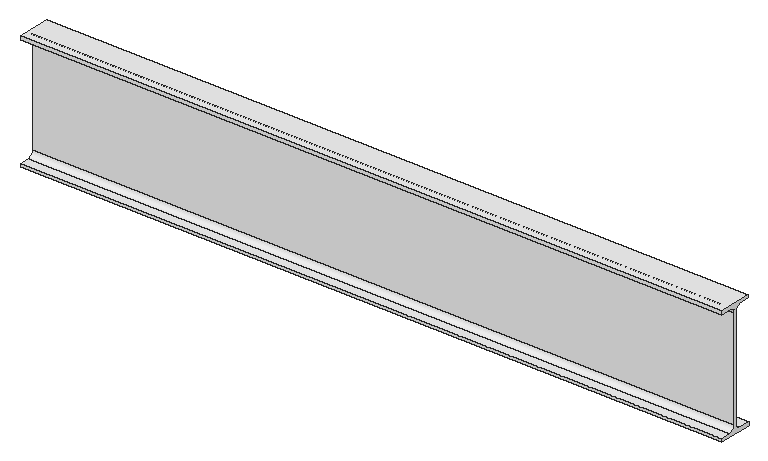
Revit family "M_M Formas", category Quadro estrutural, Revit 2019
Family settings
  Arredondamento do comprimento do framing estrutural = 0.10 mm
  Forma do corte = Forma I do flange paralelo
  Material para o comportamento do modelo = Aço
  Exportar sempre como geometria = Não
  Family Name Key = M_M Shapes
  Nome do código = AISC 14.1
  Número OmniClass = 23.25.30.11.14.14
  Título OmniClass = Beams
  ID de item do Seek = M-Shapes-0000-CAN-ENU
  Sempre na vertical = Sim
  Corte com vazios quando carregada = Não
  Representação simbólica = Das configurações de projeto
  Compartilhado = Não
  Exibir o pré-corte da família na vista da planta = Sim
Parameters (values of type "M200X9.7")
  Largura = 57.90 mm
  Espessura da teia = 3.43 mm
  Concordância da teia = 9.50 mm
  Constante da empena = 1540000000.0 mm6
  Momento de inércia de torção = 7660.00 mm4
  Structural Material [instance] = Aço, 45-345
  Section Name Key = ""
  Área de corte = 1240.0 mm²
  Eixo fraco do módulo plástico = 8670.0 mm³
  Eixo forte do módulo plástico = 89000.0 mm³
  Peso nominal = 9.70 kgf/m
  Eixo fraco do momento de inércia = 157000.00 mm4
  Eixo forte do momento de inércia = 7700000.00 mm4
  Altura = 203.00 mm
  Espessura do flange = 4.80 mm
  Eixo fraco do módulo de elasticidade = 5390.0 mm³
  Eixo forte do módulo de elasticidade = 75900.0 mm³
  Centróide vertical = Altura / 2  # 101.50 mm
  Centróide horizontal = Largura / 2  # 28.95 mm
  Bolt Spacing = 0 mm
  Assembly Code = ""
  Length [instance] = 1524.00 mm
Types (2, lengths in mm): name | Largura | Espessura da teia | Concordância da teia | Constante da empena | Momento de inércia de torção | Área de corte | Eixo fraco do módulo plástico | Eixo forte do módulo plástico | Peso nominal | Eixo fraco do momento de inércia | Eixo forte do momento de inércia | Altura | Espessura do flange | Eixo fraco do módulo de elasticidade | Eixo forte do módulo de elasticidade | Centróide vertical | Centróide horizontal
  M310X16.1 | 78.00 | 4.06 | 8.97 | 9400000000.0 mm6 | 16400.00 mm4 | 2050.0 mm² | 17500.0 mm³ | 216000.0 mm³ | 16.10 kgf/m | 420000.00 mm4 | 27800000.00 mm4 | 305.00 | 5.33 | 10800.0 mm³ | 182000.0 mm³ | 152.50 | 39.00
  M200X9.7 | 57.90 | 3.43 | 9.50 | 1540000000.0 mm6 | 7660.00 mm4 | 1240.0 mm² | 8670.0 mm³ | 89000.0 mm³ | 9.70 kgf/m | 157000.00 mm4 | 7700000.00 mm4 | 203.00 | 4.80 | 5390.0 mm³ | 75900.0 mm³ | 101.50 | 28.95
Reference planes
  plane 1 "Centro (Frente/Trás)": y = 0
  plane 2: z = 0
  plane 3 "Centro (Esquerda/Direita)": x = 4.61
  plane 4 "Membro esquerdo": x = -604.99
  plane 5 "Membro direito": x = 614.21
  plane 6: y = 28.95
  plane 7: y = -28.95
  plane 8 "Superior": z = 101.5
  plane 9: z = -101.5
  plane 10 "Esquerda": x = -757.39
  plane 11 "Direita": x = 766.61
Forms (mm)
  Sweep 1, solid, material "Aço, 45-345" <- "Structural Material", detail levels medium
    path origin (0, 0, 0) x (1, 0, 0) y (0, 1, 0)
      loop
        line (614.21, 0) -> (-604.99, 0)
    profile "M_W-Flange ampla-Perfil-Médio : M_W-Flange ampla-Perfil-Médio" origin (4.61, 0, 0) x (0, -1, 0) y (0, 0, 1)
      loop
        line (-28.95, -101.5) -> (28.95, -101.5) -> (28.95, -96.7) -> (1.715, -96.7) -> (1.715, 96.7) -> (28.95, 96.7) -> (28.95, 101.5) -> (-28.95, 101.5) -> (-28.95, 96.7) -> (-1.715, 96.7) -> (-1.715, -96.7) -> (-28.95, -96.7) -> (-28.95, -101.5)
  Sweep 2, solid, material "Aço, 45-345" <- "Structural Material", detail levels fine
    path origin (0, 0, 0) x (1, 0, 0) y (0, 1, 0)
      loop
        line (614.21, 0) -> (-604.99, 0)
    profile "M_W-Flange ampla-Perfil-Alto : M_W-Flange ampla-Perfil-Alto" origin (4.61, 0, 0) x (0, -1, 0) y (0, 0, 1)
      loop
        line (-28.95, -101.5) -> (28.95, -101.5) -> (28.95, -96.7) -> (11.215, -96.7)
        arc (11.215, -96.7) -> (4.497, -93.918) -> (1.715, -87.2) r 9.5
        line (1.715, -87.2) -> (1.715, 87.2)
        arc (1.715, 87.2) -> (4.497, 93.918) -> (11.215, 96.7) r 9.5
        line (11.215, 96.7) -> (28.95, 96.7) -> (28.95, 101.5) -> (-28.95, 101.5) -> (-28.95, 96.7) -> (-11.215, 96.7)
        arc (-11.215, 96.7) -> (-4.497, 93.918) -> (-1.715, 87.2) r 9.5
        line (-1.715, 87.2) -> (-1.715, -87.2)
        arc (-1.715, -87.2) -> (-4.497, -93.918) -> (-11.215, -96.7) r 9.5
        line (-11.215, -96.7) -> (-28.95, -96.7) -> (-28.95, -101.5)
Lines and regions (mm)
  symbolic lines, style "Faces ocultas", detail levels medium+fine
    curve 1: line (614.21, -1.715, 0) -> (-604.99, -1.715, 0)
    curve 2: line (614.21, 1.715, 0) -> (-604.99, 1.715, 0)
  symbolic lines, style "Símbolos de vara", detail levels coarse
    curve 3: line (4.61, 28.95, 101.5) -> (4.61, -28.95, 101.5)
    curve 4: line (4.61, -28.95, -101.5) -> (4.61, 28.95, -101.5)
    curve 5: line (4.61, 0, -101.5) -> (4.61, 0, 101.5)
Dimensions and locks
  "Largura": plane 6 to plane 7
  "Altura": plane 9 to plane 8 "Superior"
  equal spacing: plane 9, plane 2, plane 8 "Superior"
  equal spacing: plane 6, plane 1 "Centro (Frente/Trás)", plane 7
  "Length": plane 10 "Esquerda" to plane 11 "Direita"
  "Espessura da teia": curve 2 to curve 1
  equal spacing: curve 2, plane 1 "Centro (Frente/Trás)", curve 1
  aligned and locked: Sweep 1 sketch curve to plane 1 "Centro (Frente/Trás)"
  aligned and locked: Sweep 2 sketch curve to plane 1 "Centro (Frente/Trás)"
  aligned and locked: Sweep 2 to curve 3  (x2)
  aligned and locked: Sweep 2 to curve 4  (x2)
  aligned and locked: curve 4 to Sweep 2
  aligned and locked: curve 3 to Sweep 2
  aligned and locked: plane 4 "Membro esquerdo" to Sweep 2 sketch curve
  aligned and locked: plane 5 "Membro direito" to Sweep 2 sketch curve
  aligned and locked: plane 4 "Membro esquerdo" to Sweep 1 sketch curve
  aligned and locked: plane 5 "Membro direito" to Sweep 1 sketch curve
  aligned and locked: plane 5 "Membro direito" to curve 2
  aligned and locked: plane 5 "Membro direito" to curve 1
  aligned and locked: plane 4 "Membro esquerdo" to curve 2
  aligned and locked: plane 4 "Membro esquerdo" to curve 1
  aligned and locked: plane 1 "Centro (Frente/Trás)" to curve 5
Types in the file's own list only (16): name | Largura | Espessura da teia | Concordância da teia | Constante da empena | Momento de inércia de torção | Chave do nome do corte | Área de corte | Eixo fraco do módulo plástico | Eixo forte do módulo plástico | Peso nominal | Eixo fraco do momento de inércia | Eixo forte do momento de inércia | Altura | Espessura do flange | Eixo fraco do módulo de elasticidade | Eixo forte do módulo de elasticidade | Centróide vertical | Centróide horizontal | Espaçamento do parafuso
  M318X18.5 | 95.30 mm | 3.94 mm | 8.51 mm | 20400000000.0 mm6 | 20500.00 mm4 | M12.5X12.4 | 2340.0 mm² | 27500.0 mm³ | 270000.0 mm³ | 18.50 kgf/m | 837000.00 mm4 | 37200000.00 mm4 | 318.00 mm | 5.79 mm | 17500.0 mm³ | 233000.0 mm³ | 159.00 mm | 47.65 mm | 0.0 mm
  M318X17.3 | 88.90 mm | 3.94 mm | 8.94 mm | 15300000000.0 mm6 | 17200.00 mm4 | M12.5X11.6 | 2190.0 mm² | 22500.0 mm³ | 246000.0 mm³ | 17.30 kgf/m | 629000.00 mm4 | 33400000.00 mm4 | 318.00 mm | 5.36 mm | 14200.0 mm³ | 210000.0 mm³ | 159.00 mm | 44.45 mm | 0.0 mm
  M310X17.6 | 78.00 mm | 4.50 mm | 8.58 mm | 10100000000.0 mm6 | 20800.00 mm4 | M12X11.8 | 2240.0 mm² | 18800.0 mm³ | 234000.0 mm³ | 17.60 kgf/m | 454000.00 mm4 | 30100000.00 mm4 | 305.00 mm | 5.72 mm | 11600.0 mm³ | 197000.0 mm³ | 152.50 mm | 39.00 mm | 0.0 mm
  M310X14.9 | 82.60 mm | 3.78 mm | 8.13 mm | 9640000000.0 mm6 | 12200.00 mm4 | M12X10 | 1900.0 mm² | 16700.0 mm³ | 200000.0 mm³ | 14.90 kgf/m | 429000.00 mm4 | 25700000.00 mm4 | 305.00 mm | 4.57 mm | 10400.0 mm³ | 169000.0 mm³ | 152.50 mm | 41.30 mm | 0.0 mm
  M250X13.4 | 68.30 mm | 3.99 mm | 9.07 mm | 4320000000.0 mm6 | 13100.00 mm4 | M10X9 | 1710.0 mm² | 13300.0 mm³ | 151000.0 mm³ | 13.40 kgf/m | 280000.00 mm4 | 16200000.00 mm4 | 254.00 mm | 5.23 mm | 8190.0 mm³ | 128000.0 mm³ | 127.00 mm | 34.15 mm | 0.0 mm
  M250X11.9 | 68.30 mm | 3.58 mm | 9.68 mm | 3810000000.0 mm6 | 9320.00 mm4 | M10X8 | 1530.0 mm² | 11700.0 mm³ | 134000.0 mm³ | 11.90 kgf/m | 247000.00 mm4 | 14400000.00 mm4 | 253.00 mm | 4.62 mm | 7230.0 mm³ | 114000.0 mm³ | 126.50 mm | 34.15 mm | 0.0 mm
  M250X11.2 | 68.30 mm | 3.30 mm | 6.71 mm | 3630000000.0 mm6 | 7780.00 mm4 | M10X7.5 | 1430.0 mm² | 11000.0 mm³ | 127000.0 mm³ | 11.20 kgf/m | 234000.00 mm4 | 13700000.00 mm4 | 254.00 mm | 4.39 mm | 6850.0 mm³ | 108000.0 mm³ | 127.00 mm | 34.15 mm | 0.0 mm
  M200X9.2 | 57.90 mm | 3.28 mm | 6.60 mm | 1440000000.0 mm6 | 6490.00 mm4 | M8X6.2 | 1170.0 mm² | 8110.0 mm³ | 84400.0 mm³ | 9.20 kgf/m | 147000.00 mm4 | 7330000.00 mm4 | 203.00 mm | 4.50 mm | 5050.0 mm³ | 71900.0 mm³ | 101.50 mm | 28.95 mm | 0.0 mm
  M150X6.6 | 46.70 mm | 2.90 mm | 5.19 mm | 411000000.0 mm6 | 4120.00 mm4 | M6X4.4 | 832.0 mm² | 5100.0 mm³ | 45900.0 mm³ | 6.60 kgf/m | 74900.00 mm4 | 3010000.00 mm4 | 152.00 mm | 4.34 mm | 3200.0 mm³ | 39500.0 mm³ | 76.00 mm | 23.35 mm | 0.0 mm
  M150X5.5 | 50.80 mm | 2.49 mm | 4.67 mm | 389000000.0 mm6 | 2210.00 mm4 | M6X3.7 | 703.0 mm² | 4470.0 mm³ | 38200.0 mm³ | 5.50 kgf/m | 72000.00 mm4 | 2480000.00 mm4 | 150.00 mm | 3.28 mm | 2830.0 mm³ | 32900.0 mm³ | 75.00 mm | 25.40 mm | 0.0 mm
  M130X28.1 | 127.00 mm | 8.03 mm | 10.10 mm | 12300000000.0 mm6 | 130000.00 mm4 | M5X18.9 | 3590.0 mm² | 87300.0 mm³ | 182000.0 mm³ | 28.10 kgf/m | 3620000.00 mm4 | 10100000.00 mm4 | 127.00 mm | 10.60 mm | 57000.0 mm³ | 158000.0 mm³ | 63.50 mm | 63.50 mm | 69.9 mm
  M100X8.9 | 96.50 mm | 3.30 mm | 8.64 mm | 1310000000.0 mm6 | 7660.00 mm4 | M4X6 | 1130.0 mm² | 19300.0 mm³ | 44900.0 mm³ | 8.90 kgf/m | 612000.00 mm4 | 1960000.00 mm4 | 96.50 mm | 4.06 mm | 12600.0 mm³ | 40600.0 mm³ | 48.25 mm | 48.25 mm | 0.0 mm
  M100X6.1 | 57.20 mm | 2.92 mm | 9.98 mm | 320000000.0 mm6 | 6120.00 mm4 | M4X4.08 | 819.0 mm² | 7420.0 mm³ | 32800.0 mm³ | 6.10 kgf/m | 135000.00 mm4 | 1470000.00 mm4 | 102.00 mm | 4.32 mm | 4740.0 mm³ | 29000.0 mm³ | 51.00 mm | 28.60 mm | 0.0 mm
  M100X5.1 | 57.20 mm | 2.34 mm | 9.40 mm | 250000000.0 mm6 | 3410.00 mm4 | M4X3.45 | 652.0 mm² | 5670.0 mm³ | 26200.0 mm³ | 5.10 kgf/m | 103000.00 mm4 | 1190000.00 mm4 | 102.00 mm | 3.30 mm | 3620.0 mm³ | 23400.0 mm³ | 51.00 mm | 28.60 mm | 0.0 mm
  M100X4.8 | 57.20 mm | 2.34 mm | 9.40 mm | 250000000.0 mm6 | 3410.00 mm4 | M4X3.2 | 652.0 mm² | 5670.0 mm³ | 26200.0 mm³ | 4.80 kgf/m | 103000.00 mm4 | 1190000.00 mm4 | 102.00 mm | 3.30 mm | 3620.0 mm³ | 23400.0 mm³ | 51.00 mm | 28.60 mm | 0.0 mm
  M100X4.3 | 57.20 mm | 2.29 mm | 9.40 mm | 137000000.0 mm6 | 3290.00 mm4 | M3X2.9 | 590.0 mm² | 5640.0 mm³ | 18400.0 mm³ | 4.30 kgf/m | 103000.00 mm4 | 624000.00 mm4 | 76.20 mm | 3.30 mm | 3620.0 mm³ | 16400.0 mm³ | 38.10 mm | 28.60 mm | 0.0 mm
